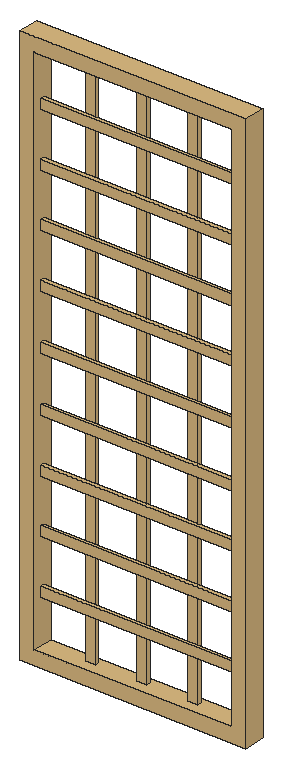
Revit family
Reference planes
  plane 1 "Center (Front/Back)": y = 0
  plane 2: z = 0
  plane 3 "Center (Left/Right)": x = 0
Forms (mm)
  Extrusion 1, solid, material "Wood - Trellis"
    sketch origin (0, 0, 0) x (1, 0, 0) y (0, 0, 1)
      loop
        line (0, 0) -> (800, 0) -> (800, 2000) -> (0, 2000) -> (0, 0)
      loop
        line (750, 1950) -> (50, 1950) -> (50, 50) -> (750, 50) -> (750, 1950)
    from 0 to 75
  Extrusion 2, solid, material "Wood - Trellis"
    sketch origin (-264.645, 0, 1400) x (1, 0, 0) y (0, 0, 1)
      loop
        line (464.645, 550) -> (464.645, -1350) -> (500, -1350) -> (500, 550) -> (464.645, 550)
    from 23 to 35
  Extrusion 3, solid, material "Wood - Trellis"
    sketch origin (0, 0, 1007) x (1, 0, 0) y (0, 0, 1)
      loop
        line (50, -764.6) -> (50, -800) -> (750, -800) -> (750, -764.6) -> (50, -764.6)
    from 37.5 to 49.5
  Extrusion 4, solid, material "Wood - Trellis"
    sketch origin (-82.322, 0, 1400) x (1, 0, 0) y (0, 0, 1)
      loop
        line (464.645, 550) -> (464.645, -1350) -> (500, -1350) -> (500, 550) -> (464.645, 550)
    from 23 to 35
  Extrusion 5, solid, material "Wood - Trellis"
    sketch origin (1064.645, 0, 1400) x (-1, 0, 0) y (0, 0, -1)
      loop
        line (464.645, -550) -> (500, -550) -> (500, 1350) -> (464.645, 1350) -> (464.645, -550)
    from 23 to 35
  Extrusion 6, solid, material "Wood - Trellis"
    sketch origin (0, 0, 1199.4) x (1, 0, 0) y (0, 0, 1)
      loop
        line (50, -764.6) -> (50, -800) -> (750, -800) -> (750, -764.6) -> (50, -764.6)
    from 37.5 to 49.5
  Extrusion 7, solid, material "Wood - Trellis"
    sketch origin (0, 0, 1391.8) x (1, 0, 0) y (0, 0, 1)
      loop
        line (50, -764.6) -> (50, -800) -> (750, -800) -> (750, -764.6) -> (50, -764.6)
    from 37.5 to 49.5
  Extrusion 8, solid, material "Wood - Trellis"
    sketch origin (0, 0, 1584.2) x (1, 0, 0) y (0, 0, 1)
      loop
        line (50, -764.6) -> (50, -800) -> (750, -800) -> (750, -764.6) -> (50, -764.6)
    from 37.5 to 49.5
  Extrusion 9, solid, material "Wood - Trellis"
    sketch origin (0, 0, 1782.3) x (1, 0, 0) y (0, 0, 1)
      loop
        line (50, -764.6) -> (50, -800) -> (750, -800) -> (750, -764.6) -> (50, -764.6)
    from 37.5 to 49.5
  Extrusion 10, solid, material "Wood - Trellis"
    sketch origin (0, 0, 993) x (1, 0, 0) y (0, 0, 1)
      loop
        line (50, 764.6) -> (750, 764.6) -> (750, 800) -> (50, 800) -> (50, 764.6)
    from 37.5 to 49.5
  Extrusion 11, solid, material "Wood - Trellis"
    sketch origin (0, 0, 800.6) x (1, 0, 0) y (0, 0, 1)
      loop
        line (50, 764.6) -> (750, 764.6) -> (750, 800) -> (50, 800) -> (50, 764.6)
    from 37.5 to 49.5
  Extrusion 12, solid, material "Wood - Trellis"
    sketch origin (0, 0, 608.2) x (1, 0, 0) y (0, 0, 1)
      loop
        line (50, 764.6) -> (750, 764.6) -> (750, 800) -> (50, 800) -> (50, 764.6)
    from 37.5 to 49.5
  Extrusion 13, solid, material "Wood - Trellis"
    sketch origin (0, 0, 415.8) x (1, 0, 0) y (0, 0, 1)
      loop
        line (50, 764.6) -> (750, 764.6) -> (750, 800) -> (50, 800) -> (50, 764.6)
    from 37.5 to 49.5
Lines and regions (mm)
  model lines
    curve 1: line (0, 0, 0) -> (0, 0, 2000)
    curve 2: line (0, 0, 2000) -> (750, 0, 2000)
